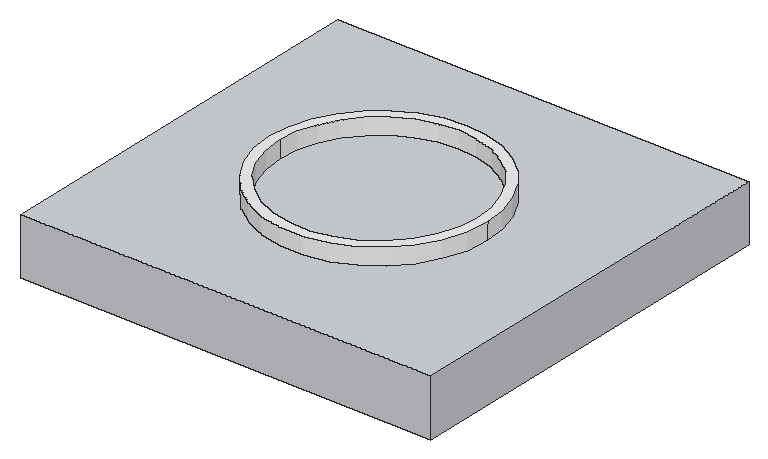
Revit family
Parameters (values of type "내부 지름 1'")
  r [instance] = 150 mm
  d [instance] = 25 mm
  b [instance] = 15 mm
  보강재 재료 [instance] = 금속 - 스틸 - 345 MPa
  Default Elevation = 1200 mm
  w [instance] = r * 2  # 300 mm
Types (3, lengths in mm): name | r | w
  (no name) | 150 | 300
  내부 지름 1' | 150 | 300
  내부 지름 2' | 300 | 600
Reference planes
  plane 1 "중심(앞/뒤)": y = 0.001
  plane 2: z = 0
  plane 3 "중심(왼쪽/오른쪽)": x = 0
  plane 4: y = -149.999
  plane 5: y = 0.001
  plane 6: y = -149.999
  plane 7: y = -299.999
  plane 8: y = -299.999
Forms (mm)
  Extrusion 1, solid
    sketch origin (0, 0, 0) x (1, 0, 0) y (0, 1, 0)
      loop
        line (-304.8, 152.401) -> (-304.8, -446.58) -> (316.243, -446.58) -> (316.243, 152.401) -> (-304.8, 152.401)
    from 0 to -86.412
  Sweep 2, solid, material "금속 - 스틸 - 345 MPa" <- "보강재 재료", detail levels medium+fine
    path origin (0, 61.752, 0) x (1, 0, 0) y (0, 1, 0)
      loop
        circle (0, -211.752) r 150
    profile origin (0, 0.001, 0) x (0, -1, 0) y (0, 0, 1)
      loop
        line (0, 0) -> (0, 25) -> (-15, 25) -> (-15, 0) -> (0, 0)
Dimensions and locks
  "b": Sweep 2 sketch curve to Sweep 2 sketch curve
  "d": Sweep 2 sketch curve to Sweep 2 sketch curve
  "r": plane 5 to plane 6
  "w": plane 7 to plane 5
  "r": radius of Sweep 2 sketch curve
  aligned and locked: plane 2 to Extrusion 1
  aligned and locked: level to Extrusion 1
  aligned and locked: profile plane to Sweep 2 sketch curve  (x2)
  aligned and locked: plane 5 to plane 1 "중심(앞/뒤)"
  aligned and locked: plane 3 "중심(왼쪽/오른쪽)" to Sweep 2 sketch curve
  aligned and locked: plane 4 to Sweep 2 sketch curve
  aligned and locked: plane 4 to plane 6
  aligned and locked: plane 8 to plane 7
Automatic sketch dimensions
  Extrusion 1 sketch curve to Extrusion 1 sketch curve = 621.043 mm
  Extrusion 1 sketch curve to Extrusion 1 sketch curve = 598.981 mm
